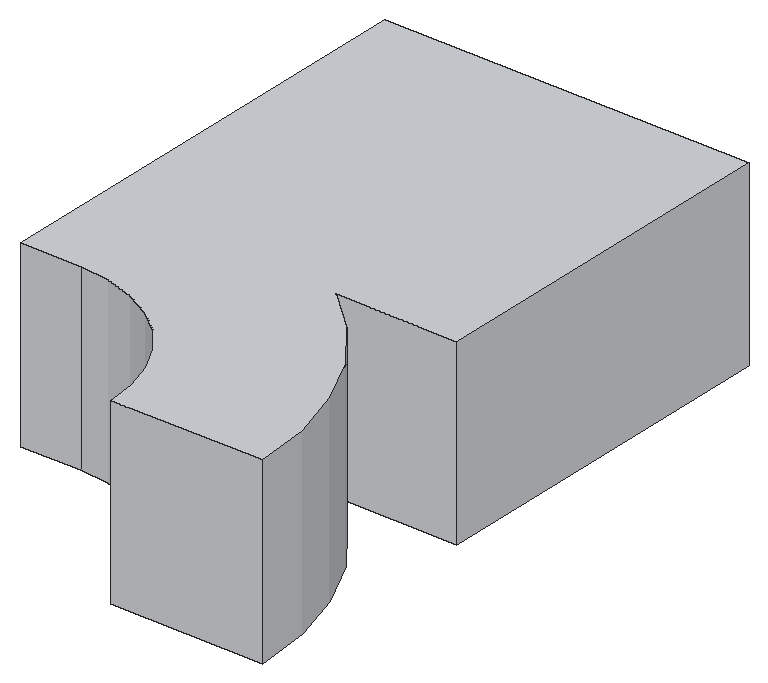
Revit family "be08048edce949bbb3dd8125554729e1", category Duct Fittings, Revit 2021
Family settings
  Round Connector Dimension = Use Diameter
  Part Type = Wye
  OmniClass Number = 23.75.70.14
  OmniClass Title = Air Ductwork
  Seek Item ID = Rectangular Wye - Smooth Radius-0000-USA-ENU
  Work Plane-Based = No
  Always vertical = Yes
  Cut with Voids When Loaded = No
  Shared = No
Parameters (values of type "Standard")
  l1 [instance] = 1.5 * Duct Width 3  # 15"
  l0 [instance] = Duct Width 3 / 2  # 5"
  Duct Width 2 [instance] = 24"
  built-in parameter 1114242 [instance] = (empty or 0)
  Duct Width 3 [instance] = 10"
  Duct Width 1 [instance] = 30"
  Duct Height [instance] = 12"
  Shoulder Length [instance] = 4"
  Default Elevation = 0' - 0"
  CL_Offset [instance] = abs(Duct Width 1 - Duct Width 2) / 4  # 1 1/2"
  Assembly Code = ""
Reference planes (in)
  plane 1 "Center (Front/Back)": y = 0
  plane 2: z = 0
  plane 3 "Center (Left/Right)": x = 0
  plane 4: y = 13.5
  plane 5: y = -16.5
  plane 6: y = -1.5
  plane 7: y = 1.5
  plane 8: y = -26.5
  plane 9: x = 5
  plane 10: x = -15
  plane 11: x = -19
  plane 12: y = -10.5
  plane 13: x = -5
Forms (in)
  Sweep 1, solid, detail levels medium+fine
    path in 3D
      loop
        line (-19, -1.5, 0) -> (-15, -1.5, 0)
    profile "Duct - Rectangular : Duct - Rectangular 1" origin (-17, -1.5, 0) x (0, 1, 0) y (0, 0, 1)
      loop
        line (-15, 6) -> (-15, -6) -> (15, -6) -> (15, 6) -> (-15, 6)
  Sweep 2, solid, detail levels medium+fine
    path in 3D
      loop
        line (-15, 1.5, 0) -> (5, 1.5, 0)
    profile "Duct - Rectangular : Duct - Rectangular 2" origin (-5, 1.5, 0) x (0, 1, 0) y (0, 0, 1)
      loop
        line (-12, 6) -> (-12, -6) -> (12, -6) -> (12, 6) -> (-12, 6)
  Sweep 3, solid, detail levels medium+fine
    path in 3D
      loop
        arc (0, -26.5, 0) -> (-4.3934, -15.8934, 0) -> (-15, -11.5, 0) r 15
    profile "Duct - Rectangular : Duct - Rectangular 3" origin (-4.3934, -15.8934, 0) x (-0.707107, -0.707107, 0) y (0, 0, 1)
      loop
        line (-5, 6) -> (-5, -6) -> (5, -6) -> (5, 6) -> (-5, 6)
Cuts and joins
  joined: Sweep 1, Sweep 2, Sweep 3
Lines and regions (in)
  reference lines
    curve 1: line (-19, -1.5, 0) -> (-15, -1.5, 0)
    curve 2: line (-15, 1.5, 0) -> (5, 1.5, 0)
    curve 5: arc (0, -26.5, 0) -> (-4.3934, -15.8934, 0) -> (-15, -11.5, 0) r 15
  sketch lines
    curve 3: line (-19, -1.5, 0) -> (-15, -1.5, 0)
    curve 4: line (-15, 1.5, 0) -> (5, 1.5, 0)
    curve 6: arc (0, -26.5, 0) -> (-4.3934, -15.8934, 0) -> (-15, -11.5, 0) r 15
  model lines, style "DuctFitting", detail levels coarse
    curve 7: arc (0, -26.5, 0) -> (-4.3934, -15.8934, 0) -> (-15, -11.5, 0) r 15
    curve 8: line (-15, -11.5, 0) -> (-19, -1.5, 0)
    curve 9: line (-19, -1.5, 0) -> (-15, 1.5, 0)
    curve 10: line (-15, 1.5, 0) -> (5, 1.5, 0)
Dimensions and locks (in)
  "CL_Offset": plane 1 "Center (Front/Back)" to plane 7
  "CL_Offset": plane 6 to plane 1 "Center (Front/Back)"
  equal spacing: plane 5, plane 6, plane 4
  "Duct Width 1": plane 5 to plane 4
  "Duct Width 3": plane 8 to plane 5
  "l0": plane 3 "Center (Left/Right)" to plane 9
  "l1": plane 10 to plane 3 "Center (Left/Right)"
  "Shoulder Length": plane 11 to plane 10
  "Duct Width 2": plane 12 to plane 4
  "l0": plane 13 to plane 3 "Center (Left/Right)"
  "l1": radius of curve 5
  aligned and locked: plane 11 to curve 1
  aligned and locked: plane 10 to curve 1
  aligned and locked: plane 6 to curve 1
  aligned and locked: plane 10 to curve 2
  aligned and locked: plane 9 to curve 2
  aligned and locked: plane 7 to curve 2
  aligned and locked: plane 8 to curve 5
  aligned and locked: plane 10 to curve 5
  aligned and locked: curve 7 to curve 5
  aligned and locked: plane 9 to curve 10
  aligned and locked: connector elem to curve 8
Automatic sketch dimensions
  curve 9 to plane 10 = 0' - 0"
  curve 10 to plane 7 = 0' - 0"
  curve 9 to plane 11 = 0' - 0"
Connectors (in)
  hvac at (-19, -1.5, 0), driven by "Duct Height", driven by "Duct Width 1"
    settings: on Sweep 1, index 1, duct flow 0 CFM, flow factor 0, pres drop 0.00 in-wg, loss coef 0, conn angle 0.00°, conn width 30", conn height 12", conn diameter 24", duct sys type 28, conn prof type 1, flow config 0, flow direction 0, loss method 0, conn ref index 2, conn util no, is conn primary yes, conn desc ""
  hvac at (5, 1.5, 0), driven by "Duct Height", driven by "Duct Width 2"
    settings: on Sweep 2, index 2, duct flow 0 CFM, flow factor 0, pres drop 0.00 in-wg, loss coef 0, conn angle 0.00°, conn width 24", conn height 12", conn diameter 24", duct sys type 28, conn prof type 1, flow config 0, flow direction 0, loss method 0, conn ref index 1, conn util no, is conn primary no, conn desc ""
  hvac at (0, -26.5, 0), driven by "Duct Height", driven by "Duct Width 3"
    settings: on Sweep 3, index 3, duct flow 0 CFM, flow factor 0, pres drop 0.00 in-wg, loss coef 0, conn angle 0.00°, conn width 10", conn height 12", conn diameter 24", duct sys type 28, conn prof type 1, flow config 0, flow direction 0, loss method 0, conn ref index -1, conn util no, is conn primary no, conn desc ""
